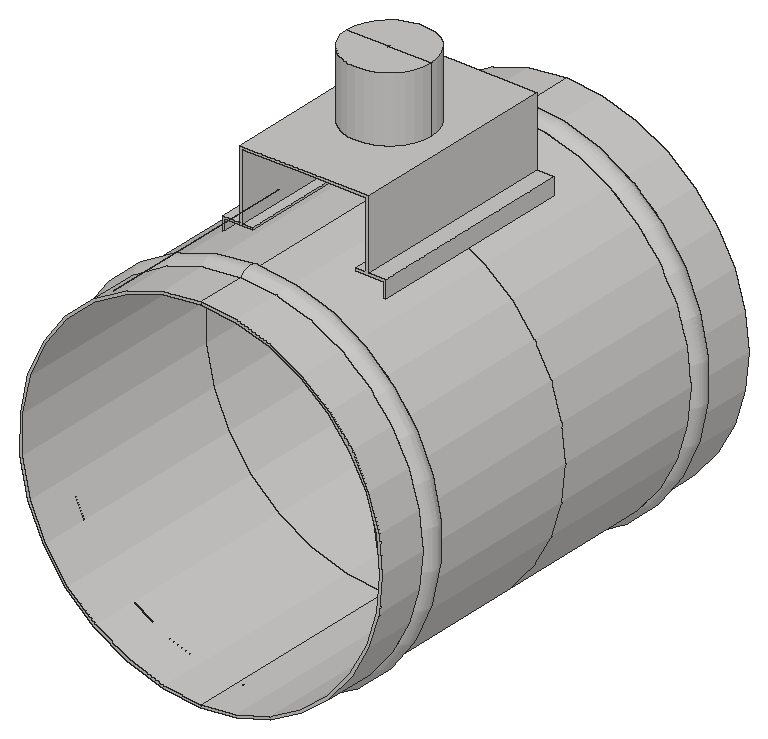
Revit family "Damper_Air-BroanNutone-Universal-8in-MD8TU", category Mechanical Equipment, host Face, Revit 2019
Family settings
  Host = Face
  Round Connector Dimension = Use Radius
  Part Type = Normal
  OmniClass Number = 23.75.35.17.17
  OmniClass Title = Room Air Circulation Fans
  Cut with Voids When Loaded = Yes
  Shared = No
  Room Calculation Point = No
Parameters (values of type "8in - Damper")
  Width = 8"  # constant formula
  Voltage = 120 V  # constant formula
  URL = "https://www.broan-nutone.com/en-us"
  Support Phone = "(224) 699-9545"  # constant formula
  Support Email = "mailto:support@anguleris.com"
  Product Page URL = "https://www.broan-nutone.com/en-us/accessory/md8tu"
  Product Name = "8-Inch Universal Automatic Make-Up Air Damper"  # constant formula
  Product Documentation Link = "https://www.broan-nutone.com/getmedia/1cbd76d4-089e-4bf6-b8c5-cf8020f59116/Spec-Sheet-MD6TU-MD8TU-MD10TU-MD6S-MD8S-MD10S.pdf?ext=.pdf"
  Power Factor = 1
  Phase = 1
  Offset [instance] = 6"
  Number of Poles = 1
  Model = "MD8TU"  # constant formula
  Material = ""
  Manufacturer Phone Number = "800-558-1711"  # constant formula
  Manufacturer Contact Information = "mailto:info@broan-nutone.com"
  Manufacturer Address = "926 W State St, Hartford, WI 53027"  # constant formula
  Manufacturer = "Broan"  # constant formula
  Length = 10"  # constant formula
  Frequency = 60 Hz  # constant formula
  Exhaust Radius = Exhaust Diameter / 2  # 4"
  Exhaust Diameter = 8"  # constant formula
  Supply Connector = "Supply Connection"  # constant formula
  Electrical Connector = "Electrical Connection"  # constant formula
  Description = "8-Inch Universal Automatic Make-Up Air Damper with Pressure Sensor Kit"  # constant formula
  Default Elevation = 0"
  Cover Finish = Metal - Broan NuTone - Stainless Steel
  Copyright = "Copyright © 2021 Broan-NuTone, LLC. All Rights Reserved"  # constant formula
  Assembly Code = "E1090900"
  Apparent Load = 0 VA
Reference planes (in)
  plane 1 "Center (Front/Back)": y = 0
  plane 2 "Bottom (Ceiling)": z = 0
  plane 3 "Center (Left/Right)": x = 0
  plane 4 "Front": y = -5
  plane 5 "Back": y = 5
  plane 6: z = 6
  plane 7: x = -4
  plane 8: x = 4
  plane 9: z = 10
  plane 10: z = 2
Forms (in)
  Revolve 1, solid, material "Metal - Broan NuTone - Stainless Steel" <- "Cover Finish"
    sketch origin (0, 0, 0) x (0, 1, 0) y (0, 0, 1)
      loop
        arc (3.92852, 10) -> (3.67852, 10.12233) -> (3.42852, 10) r 0.31662
        line (3.42852, 10) -> (0, 10) -> (0, 9.9375) -> (5.02075, 9.9375) -> (5.02075, 10) -> (3.92852, 10)
      axis (0, 6) -> (5.02075, 6)
    angle from 0 to 360
  Revolve 2, solid, material "Metal - Broan NuTone - Stainless Steel" <- "Cover Finish"
    sketch origin (0, 0, 0) x (0, 1, 0) y (0, 0, 1)
      loop
        line (0, 10) -> (-3.42852, 10)
        arc (-3.42852, 10) -> (-3.67852, 10.12233) -> (-3.92852, 10) r 0.31662
        line (-3.92852, 10) -> (-5.02075, 10) -> (-5.02075, 9.9375) -> (0, 9.9375) -> (0, 10)
      axis (0, 6) -> (-5.02075, 6)
    angle from 0 to 360
  Extrusion 3, solid, material "Metal - Broan NuTone - Stainless Steel" <- "Cover Finish", detail levels coarse+medium
    sketch origin (13.19433, 0, 13.06951) x (0, 0, 1) y (-1, 0, 0)
      loop
        line (-1.58651, 14.48033) -> (-3.06951, 14.48033) -> (-3.06951, 11.69433) -> (-1.58651, 11.69433) -> (-1.58651, 14.48033)
    from -2.32016 to 2.30484
  Revolve 4, solid, material "Metal - Broan NuTone - Stainless Steel" <- "Cover Finish"
    sketch origin (13.18888, 0, 13.02033) x (0, 0, 1) y (-1, 0, 0)
      loop
        line (-0.15051, 13.08733) -> (-0.15051, 13.99733) -> (-1.58651, 13.99733) -> (-1.58651, 13.21551) -> (-1.98731, 13.21551) -> (-1.98731, 13.52761) -> (-3.08864, 13.52761) -> (-3.08864, 13.16824) -> (-11.02017, 13.16824) -> (-11.02017, 13.08733) -> (-0.15051, 13.08733)
      axis (-0.15051, 13.06951) -> (-11.02017, 13.06951)
    angle from 0 to 360
  Extrusion 5, solid, material "Metal - Broan NuTone - Stainless Steel", detail levels fine
    sketch origin (0, 0, 0) x (1, 0, 0) y (0, 0, 1)
      loop
        line (-1.32089, 11.42602) -> (-1.32089, 9.90802) -> (-1.69189, 9.90802) -> (-1.69189, 9.53099) -> (-1.65589, 9.53099) -> (-1.65589, 9.85582) -> (-1.15589, 9.85582) -> (-1.04184, 9.85582) -> (-1.04184, 9.90802) -> (-1.26289, 9.90802) -> (-1.26289, 11.36802) -> (-0.08945, 11.36802) -> (1.45039, 11.36802) -> (1.45039, 9.90802) -> (1.22934, 9.90802) -> (1.22934, 9.85582) -> (1.34339, 9.85582) -> (1.84339, 9.85582) -> (1.84339, 9.53099) -> (1.87939, 9.53099) -> (1.87939, 9.90802) -> (1.50839, 9.90802) -> (1.50839, 11.42602) -> (-1.32089, 11.42602)
    from -2.32016 to 2.30484
  Extrusion 6, solid, material "Metal - Broan NuTone - Stainless Steel", detail levels coarse+fine
    sketch origin (3.40412, 3.49884, 0) x (0.707107, -0.707107, 0) y (0, 0, 1)
      loop
        circle (0.07028, 6.03125) r 3.86418
    from 4.53176 to 4.87444
Cuts and joins
  joined: Revolve 1, Revolve 2
Lines and regions (in)
  symbolic lines
    curve 1: line (3.5327, 5, 0) -> (-1.35449, 5, 0)
    curve 2: line (3.5327, -5, 0) -> (-1.35449, -5, 0)
Dimensions and locks (in)
  equal spacing: plane 4 "Front", plane 1 "Center (Front/Back)", plane 5 "Back"
  "Length": plane 4 "Front" to plane 5 "Back"
  "Offset": plane 6 to level
  "Width": plane 7 to plane 8
  equal spacing: plane 7, plane 3 "Center (Left/Right)", plane 8
  equal spacing: plane 9, plane 6, plane 10
  "Exhaust Diameter": plane 9 to plane 10
  aligned and locked: plane 2 "Bottom (Ceiling)" to host face
  aligned and locked: level to host face
  aligned and locked: Revolve 1 sketch curve to plane 6
  aligned and locked: Revolve 2 sketch curve to plane 6
Automatic sketch dimensions
  plane 5 "Back" to curve 1 = 0"
  curve 2 to plane 4 "Front" = 0"
  host sketch curve to host sketch curve = 24"  (x2)
  curve 2 to plane 3 "Center (Left/Right)" = 1.35449"
  curve 1 to plane 3 "Center (Left/Right)" = 1.35449"
  Revolve 1 sketch curve to plane 1 "Center (Front/Back)" = 0"
  plane 5 "Back" to Revolve 1 sketch curve = 1.57148"
  Revolve 1 sketch curve to Revolve 1 sketch curve = 1/4"  (x2)
  Revolve 1 sketch curve to plane 5 "Back" = 0.02075"
  Revolve 1 sketch curve to plane 6 = 3.80571"
  Revolve 1 sketch curve to Revolve 1 sketch curve = 0.13179"
  Revolve 1 sketch curve to Revolve 1 sketch curve = 1/16"
  plane 4 "Front" to Revolve 1 sketch curve = 1.30342"
  Revolve 1 sketch curve to plane 4 "Front" = 4 1/4"
  Revolve 2 sketch curve to plane 4 "Front" = 0"
  Revolve 2 sketch curve to plane 1 "Center (Front/Back)" = 0"
  Revolve 2 sketch curve to plane 4 "Front" = 0.02075"
  plane 4 "Front" to Revolve 2 sketch curve = 1.07148"
  Revolve 2 sketch curve to Revolve 2 sketch curve = 1/4"  (x2)
  Revolve 2 sketch curve to plane 6 = 3.80571"
  Revolve 2 sketch curve to plane 6 = 3 15/16"
  Revolve 2 sketch curve to Revolve 2 sketch curve = 1/16"
  Revolve 2 sketch curve to Revolve 2 sketch curve = 5.55342"
  plane 3 "Center (Left/Right)" to curve 2 = 3.5327"
  plane 3 "Center (Left/Right)" to curve 1 = 3.5327"
  Extrusion 3 sketch curve to plane 6 = 4"
  Extrusion 3 sketch curve to plane 6 = 5.483"
  Extrusion 3 sketch curve to plane 8 = 2 1/2"
  Extrusion 3 sketch curve to plane 8 = 5.286"
  Extrusion 5 sketch curve to plane 9 = 0.46901"  (x2)
  Extrusion 5 sketch curve to plane 3 "Center (Left/Right)" = 1.69189"
  Extrusion 5 sketch curve to Extrusion 5 sketch curve = 0.036"  (x2)
  Extrusion 5 sketch curve to plane 3 "Center (Left/Right)" = 1.26289"
  Extrusion 5 sketch curve to Extrusion 5 sketch curve = 0.107"
  Extrusion 5 sketch curve to Extrusion 5 sketch curve = 0.11405"  (x2)
  Extrusion 5 sketch curve to plane 9 = 0.09198"
  plane 3 "Center (Left/Right)" to Extrusion 5 sketch curve = 1.22934"
  plane 3 "Center (Left/Right)" to Extrusion 5 sketch curve = 1.45039"
  Extrusion 5 sketch curve to Extrusion 5 sketch curve = 0.058"  (x3)
  Extrusion 5 sketch curve to Extrusion 5 sketch curve = 0.335"
  Extrusion 5 sketch curve to plane 9 = 0.14418"  (x2)
  Extrusion 5 sketch curve to Extrusion 5 sketch curve = 0.05221"  (x3)
  plane 9 to Extrusion 5 sketch curve = 1.36802"
  Extrusion 5 sketch curve to plane 3 "Center (Left/Right)" = 0.08945"
  Revolve 4 sketch curve to plane 10 = 0.00016"
  Revolve 4 sketch curve to plane 9 = 0.06831"
  Revolve 4 sketch curve to plane 3 "Center (Left/Right)" = 0.33873"
  plane 9 to Revolve 4 sketch curve = 1.03302"
  Revolve 4 sketch curve to Revolve 4 sketch curve = 0.4008"
  plane 3 "Center (Left/Right)" to Revolve 4 sketch curve = 13/128"
  Revolve 4 sketch curve to Revolve 4 sketch curve = 1.436"
  Revolve 4 sketch curve to plane 3 "Center (Left/Right)" = 0.02663"
  plane 3 "Center (Left/Right)" to Revolve 4 sketch curve = 0.02064"
  Revolve 4 sketch curve to plane 3 "Center (Left/Right)" = 0.80845"
  plane 3 "Center (Left/Right)" to Revolve 4 sketch curve = 0.11937"
  Revolve 4 sketch curve to Revolve 4 sketch curve = 0.314"
  Revolve 4 sketch curve to Revolve 4 sketch curve = 1"
  Extrusion 6 sketch curve to plane 6 = 1/32"
  radius of Extrusion 6 sketch curve = 3.86418"
Connectors (in)
  hvac at (0, 5.02075, 6)
    settings: on cut or joined group of Revolve 1, Revolve 2, index 1, duct flow 0 CFM, flow factor 0, pres drop 0.00 in-wg, loss coef 0, conn angle 0.00°, conn width 12", conn height 12", conn diameter 8", duct sys type 3, conn prof type 0, flow config 0, flow direction 1, loss method 0, conn ref index -1, conn util no, is conn primary yes, conn desc "Exhaust In"
  hvac at (0, -5.02075, 6)
    settings: on cut or joined group of Revolve 1, Revolve 2, index 2, duct flow 0 CFM, flow factor 0, pres drop 0.00 in-wg, loss coef 0, conn angle 0.00°, conn width 12", conn height 12", conn diameter 8", duct sys type 3, conn prof type 0, flow config 0, flow direction 2, loss method 0, conn ref index -1, conn util no, is conn primary no, conn desc "Exhaust Out"
  electrical at (0.11937, 0, 12.86982), driven by "Electrical Connector", driven by "Voltage", driven by "Power Factor", driven by "Apparent Load"
    settings: on Revolve 4, index 3, voltage 120 V, apparent load 0 VA, apparent load phase1 0 VA, apparent load phase2 0 VA, apparent load phase3 0 VA, power factor 1, load classification "Other", number of poles 1, system type 31, power factor state 1, is connector primary yes, connector utility no, sub classification motor no, connector description "Electrical Connection"
